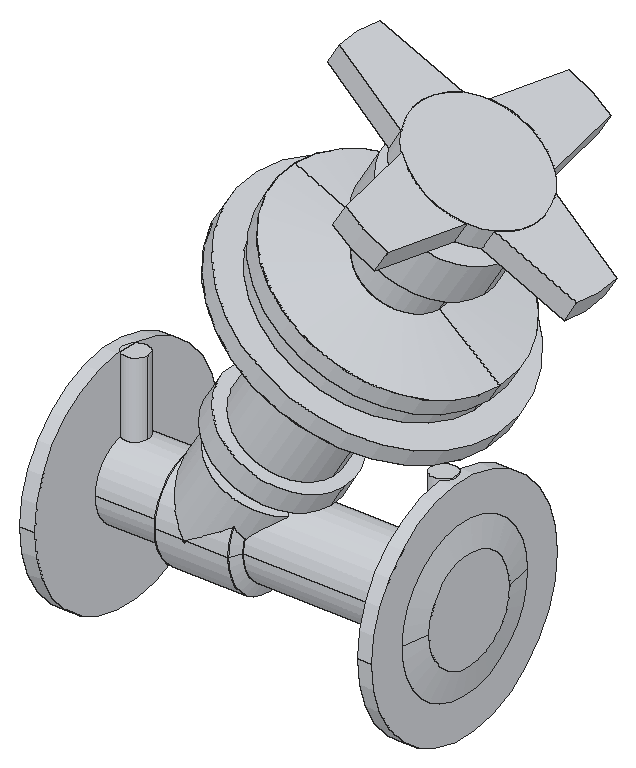
Revit family "224_DN065_40-160_RFA_2018", category Pipe Accessories, Revit 2018
Family settings
  Round Connector Dimension = Use Diameter
  Part Type = Valve - Breaks Into
  Work Plane-Based = No
  Always vertical = Yes
  Cut with Voids When Loaded = No
  Shared = No
Parameters (values of type "224_DN065_(40-160)")
  magiProductId = "7a3227ed888c4b0d8669ae9eb0085d"
  magiProductFamilyId = "cb96b53648234cefb8c956722b95ac"
  magiPartTypeId = 304
  isMeasuringValve [instance] = no
  ang2D [instance] = 0.00°
  Z8 = 22.974 mm
  Z7 = 7.658 mm
  Z6 = 95.726 mm
  Z4 = 38.29 mm
  Z3 = 15.316 mm
  Z2 = 19.145 mm
  Z1 = 57.436 mm
  Y9 = 112.022 mm
  Y8 = 43.927 mm
  X9 = 19.752 mm
  X8 = 30.758 mm
  X5 = 139.89 mm
  X4 = 59.15 mm
  X1 = 11.6 mm
  W2D = 100 mm
  VersionID = "2.0/2018.4.11.4/ZETKAMA_224_001"
  Use Minimum Symbol Size [instance] = yes
  URL = "www.hydronic.cz"
  Type Comments = "přírubový ventil, PN16; -10~+120°C; dpmin=1,5xdpnast;"
  R8 = 53.625 mm
  R7 = 35.75 mm
  R6 = 96.688 mm
  R5 = 92.5 mm
  R4 = 113.75 mm
  R3 = 33.8 mm
  R2 = 63 mm
  R12 = 42.75 mm
  R10 = 40.5 mm
  QmdConnectorList = "301;D;302;D"
  Productdata [instance] = ""
  Manufacturer = "Hydronic Systems Prague s.r.o."
  Maintenance Zone Under Depth [instance] = 385 mm
  Maintenance Zone Right Depth [instance] = 290 mm
  Maintenance Zone Over Depth [instance] = 385 mm
  Maintenance Zone Left Depth [instance] = 290 mm
  Maintenance Zone Front Depth [instance] = 273 mm
  Maintenance Zone Back Depth [instance] = 273 mm
  Maintenance Zone Front Visibility [instance] = no
  MC Product Code = "224 065 7 (DN65; dpnast 40-160kPa; dpmax=300kPa; kvs=48,4kPa)"
  MC Piping Given Pressure Drop [instance] = 0.0 Pa
  LT2 = 145 mm
  L3 = 51.76 mm
  L2D_Min = 3048 mm
  L2D = 350 mm
  H5 = 60 mm
  FDT2 = 92.5 mm
  Description = "Regulátor diferenčního tlaku přírubový"
  DT21 = 32.5 mm
  DT2 = 32.5 mm
  D6 = 52.812 mm
  D5 = 42.25 mm
  D = 65 mm
  Clearance Zone Height Depth [instance] = 385 mm
  Clearance Zone Circular Radius [instance] = 290 mm
  Clearance Zone Visibility [instance] = no
  CAT0 = yes
  ARC2 = 1.728 mm
  ARC1 = 9.698 mm
  ANG = 32.00°
  A2 = 26.893 mm
  A1 = 43.038 mm
Types (10, lengths in mm): name | magiProductId | Z8 | Z7 | Z6 | Z4 | Z3 | Z2 | Z1 | X5 | X4 | X1 | R5 | R3 | R2 | R10 | Maintenance Zone Under Depth | Maintenance Zone Right Depth | Maintenance Zone Over Depth | Maintenance Zone Left Depth | MC Product Code | LT2 | L3 | H5 | FDT2 | DT21 | DT2 | D6 | D5 | D | Clearance Zone Height Depth | Clearance Zone Circular Radius | A2 | A1
  224_DN100_(40-160) | "71f9e553003c40d991c5e352e67284" | 24.389 | 8.13 | 101.622 | 40.649 | 16.26 | 20.324 | 60.973 | 152.2 | 91 | 14 | 110 | 52 | 80.5 | 58 | 405 | 350 | 405 | 350 | "224 100 7 (DN100; dpnast 40-160kPa; dpmax=250kPa; kvs=110,0kPa)" | 175 | 62.8 | 60 | 110 | 50 | 50 | 81.25 | 65 | 100 | 405 | 350 | 32.458 | 51.943
  224_DN100_(20-70) | "5e4de33176c64976a9c157b39996ce" | 24.389 | 8.13 | 101.622 | 40.649 | 16.26 | 20.324 | 60.973 | 152.2 | 91 | 14 | 110 | 52 | 80.5 | 58 | 405 | 350 | 405 | 350 | "224 100 3 (DN100; dpnast 20-70kPa; dpmax=250kPa; kvs=110,0kPa)" | 175 | 62.8 | 60 | 110 | 50 | 50 | 81.25 | 65 | 100 | 405 | 350 | 32.458 | 51.943
  224_DN125_(40-160) | "9beb69b667494b6ab1f54942078ae6" | 25.804 | 8.601 | 107.518 | 43.007 | 17.203 | 21.504 | 64.511 | 166.25 | 113.75 | 16 | 125 | 65 | 95.5 | 71 | 425 | 400 | 425 | 400 | "224 125 7 (DN125; dpnast 40-160kPa; dpmax=250kPa; kvs=169,0kPa)" | 200 | 72 | 62.5 | 125 | 62.5 | 62.5 | 101.562 | 81.25 | 125 | 425 | 400 | 37.094 | 59.363
  224_DN125_(20-70) | "2c85edc695ca465cb63b6911085491" | 25.804 | 8.601 | 107.518 | 43.007 | 17.203 | 21.504 | 64.511 | 166.25 | 113.75 | 16 | 125 | 65 | 95.5 | 71 | 425 | 400 | 425 | 400 | "224 125 3 (DN125; dpnast 20-70kPa; dpmax=250kPa; kvs=169,0kPa)" | 200 | 72 | 62.5 | 125 | 62.5 | 62.5 | 101.562 | 81.25 | 125 | 425 | 400 | 37.094 | 59.363
  224_DN150_(40-160) | "96017eba5eec4de2abe05c4d8dc7d1" | 26.866 | 8.955 | 89.552 | 44.776 | 17.91 | 22.388 | 89.552 | 223.38 | 115.5 | 19.2 | 142.5 | 70.2 | 108.5 | 84 | 440 | 480 | 440 | 480 | "224 150 7 (DN150; dpnast 40-160kPa; dpmax=250kPa; kvs=200,0kPa)" | 240 | 86.72 | 67.5 | 142.5 | 67.5 | 75 | 90.75 | 82.5 | 150 | 440 | 480 | 44.513 | 71.236
  224_DN150_(20-70) | "2dcf3707ec5549d494f72875a03dce" | 26.866 | 8.955 | 89.552 | 44.776 | 17.91 | 22.388 | 89.552 | 223.38 | 115.5 | 19.2 | 142.5 | 70.2 | 108.5 | 84 | 440 | 480 | 440 | 480 | "224 150 3 (DN150; dpnast 20-70kPa; dpmax=250kPa; kvs=200,0kPa)" | 240 | 86.72 | 67.5 | 142.5 | 67.5 | 75 | 90.75 | 82.5 | 150 | 440 | 480 | 44.513 | 71.236
  224_DN065_(40-160) | "7a3227ed888c4b0d8669ae9eb0085d" | 22.974 | 7.658 | 95.726 | 38.29 | 15.316 | 19.145 | 57.436 | 139.89 | 59.15 | 11.6 | 92.5 | 33.8 | 63 | 40.5 | 385 | 290 | 385 | 290 | "224 065 7 (DN65; dpnast 40-160kPa; dpmax=300kPa; kvs=48,4kPa)" | 145 | 51.76 | 60 | 92.5 | 32.5 | 32.5 | 52.812 | 42.25 | 65 | 385 | 290 | 26.893 | 43.038
  224_DN065_(20-70) | "bd269db4002540fe9b2a41f205afd7" | 22.974 | 7.658 | 95.726 | 38.29 | 15.316 | 19.145 | 57.436 | 139.89 | 59.15 | 11.6 | 92.5 | 33.8 | 63 | 40.5 | 385 | 290 | 385 | 290 | "224 065 3 (DN65; dpnast 20-70kPa; dpmax=300kPa; kvs=48,4kPa)" | 145 | 51.76 | 60 | 92.5 | 32.5 | 32.5 | 52.812 | 42.25 | 65 | 385 | 290 | 26.893 | 43.038
  224_DN080_(40-160) | "20b45c03d3cb49e9a44f946d5e2c2d" | 23.328 | 7.776 | 97.2 | 38.88 | 15.552 | 19.44 | 58.32 | 140.96 | 72.8 | 12.4 | 100 | 41.6 | 70.5 | 48 | 390 | 310 | 390 | 310 | "224 080 7 (DN80; dpnast 40-160kPa; dpmax=300kPa; kvs=74,5kPa)" | 155 | 55.44 | 60 | 100 | 40 | 40 | 65 | 52 | 80 | 390 | 310 | 28.748 | 46.007
  224_DN080_(20-70) | "2f63645f7c5342ecbadd0051fa47f2" | 23.328 | 7.776 | 97.2 | 38.88 | 15.552 | 19.44 | 58.32 | 140.96 | 72.8 | 12.4 | 100 | 41.6 | 70.5 | 48 | 390 | 310 | 390 | 310 | "224 080 3 (DN80; dpnast 20-70kPa; dpmax=300kPa; kvs=74,5kPa)" | 155 | 55.44 | 60 | 100 | 40 | 40 | 65 | 52 | 80 | 390 | 310 | 28.748 | 46.007
Reference planes
  plane 1 "Center (Front/Back)": y = 0
  plane 2 "XYPLANE": z = 0
  plane 3 "Center (Left/Right)": x = 0
  plane 4 "274": z = -385
  plane 5 "273": z = 385
  plane 6 "272": x = -290
  plane 7 "271": x = 290
  plane 8 "270": y = 273
  plane 9 "269": y = -273
  plane 10 "202": x = 124.4
  plane 11 "201": z = 32.5
  plane 12 "199": x = -122.4
  plane 13 "196": x = -10.49
  plane 14 "195": x = -14.49
  plane 15 "186": x = -73.64
  plane 16 "185": x = -77.64
  plane 17 "157": through (-528.542, 0, 569.466) normal (0.5299, 0, 0.848)
  plane 18 "123": y = -19.752
  plane 19 "122": y = -30.758
  plane 20 "120": y = 19.752
  plane 21 "119": y = 30.758
  plane 22 "118": through (265.941, 0, 718.206) normal (0.848, 0, -0.5299)
  plane 23 "117": through (398.193, 0, 635.565) normal (0.848, 0, -0.5299)
  plane 24 "116": through (455.941, 0, 599.48) normal (0.848, 0, -0.5299)
  plane 25 "115": through (323.689, 0, 682.121) normal (0.848, 0, -0.5299)
  plane 26 "113": y = -43.927
  plane 27 "112": y = -112.022
  plane 28 "110": through (387.025, 0, 642.544) normal (0.848, 0, -0.5299)
  plane 29 "108": through (344.19, 0, 669.31) normal (0.848, 0, -0.5299)
  plane 30 "107": through (334.856, 0, 675.142) normal (0.848, 0, -0.5299)
  plane 31 "106": through (377.692, 0, 648.376) normal (0.848, 0, -0.5299)
  plane 32 "105": y = 112.022
  plane 33 "104": y = 43.927
  plane 34 "99": through (-457.524, 0, 683.118) normal (0.5299, 0, 0.848)
  plane 35 "96": through (-467.67, 0, 666.882) normal (0.5299, 0, 0.848)
  plane 36 "91": through (-487.961, 0, 634.41) normal (0.5299, 0, 0.848)
  plane 37 "87": through (-508.251, 0, 601.938) normal (0.5299, 0, 0.848)
  plane 38 "84": through (-512.31, 0, 595.443) normal (0.5299, 0, 0.848)
  plane 39 "82": through (-520.426, 0, 582.454) normal (0.5299, 0, 0.848)
  plane 40 "75": through (-536.659, 0, 556.477) normal (0.5299, 0, 0.848)
  plane 41 "74": through (-548.833, 0, 536.993) normal (0.5299, 0, 0.848)
  plane 42 "41": through (-599.56, 0, 455.813) normal (0.5299, 0, 0.848)
  plane 43 "37": through (-609.706, 0, 439.577) normal (0.5299, 0, 0.848)
  plane 44 "34": through (-619.851, 0, 423.341) normal (0.5299, 0, 0.848)
  plane 45 "30": through (-650.287, 0, 374.633) normal (0.5299, 0, 0.848)
  plane 46 "28": y = 0
  plane 47 "27": through (360.941, 0, 658.843) normal (0.848, 0, -0.5299)
  plane 48 "24": x = 141
  plane 49 "23": x = 129.4
  plane 50 "15": x = -129.4
  plane 51 "11": x = -141
  plane 52 "6": x = 145
  plane 53 "5": x = -145
  plane 54 "3": z = 0
  plane 55 "2": y = 0
  plane 56 "1": x = 0
  plane 57 "25XY": through (-636.036, 0, 397.439) normal (0.5299, 0, 0.848)
  plane 58 "25XZ": y = 0
  plane 59 "25YZ": through (397.439, 0, 636.036) normal (0.848, 0, -0.5299)
Forms (mm)
  Blend 1, solid, visible <- "CAT0"
    base sketch origin (-548.833, 0, 536.993) x (0.848048, 0, -0.529919) y (0, 1, 0)
      loop
        circle (706.962, 0) r 42.75
    top sketch origin (-548.833, 0, 536.993) x (0.848048, 0, -0.529919) y (0, 1, 0)
      loop
        circle (706.962, 0) r 113.75
    from 0 to 22.974
  Blend 2, solid, visible <- "Maintenance Zone Front Visibility"
    base sketch origin (-750, 0, 385) x (1, 0, 0) y (0, 1, 0)
      loop
        line (460, 273) -> (460, -273) -> (1040, -273) -> (1040, 273) -> (460, 273)
    top sketch origin (-750, 0, 385) x (1, 0, 0) y (0, 1, 0)
      loop
        line (460, 273) -> (460, -273) -> (1040, -273) -> (1040, 273) -> (460, 273)
    from 0 to -770
  Extrusion 3, solid, visible <- "Clearance Zone Visibility"
    sketch origin (-750, 0, 0) x (1, 0, 0) y (0, 1, 0)
      loop
        circle (750, 0) r 290
    from 0 to 385 <- "Clearance Zone Height Depth"
  Extrusion 4, solid, visible <- "CAT0"
    sketch origin (-599.56, 0, 455.813) x (0.848048, 0, -0.529919) y (0, 1, 0)
      loop
        circle (706.962, 0) r 42.75
    from 0 to 95.726 <- "Z6"
  Extrusion 5, solid
    sketch origin (-750, 0, 32.5) x (1, 0, 0) y (0, 1, 0)
      loop
        circle (874.4, 0) r 10
    from 0 to 60 <- "H5"
  Extrusion 6, solid
    sketch origin (-750, 0, 32.5) x (1, 0, 0) y (0, 1, 0)
      loop
        circle (627.6, 0) r 10
    from 0 to 60 <- "H5"
  Extrusion 7, solid
    sketch origin (-10.49, -750, 0) x (0, 1, 0) y (0, 0, 1)
      loop
        circle (750, 0) r 32.5
    from 0 to 139.89 <- "X5"
  Blend 8, solid
    base sketch origin (-10.49, -750, 0) x (0, 1, 0) y (0, 0, 1)
      loop
        circle (750, 0) r 32.5
    top sketch origin (-10.49, -750, 0) x (0, 1, 0) y (0, 0, 1)
      loop
        circle (750, 0) r 42.25
    from 0 to -4
  Extrusion 9, solid
    sketch origin (-73.64, -750, 0) x (0, 1, 0) y (0, 0, 1)
      loop
        circle (750, 0) r 42.25
    from 0 to 59.15 <- "X4"
  Blend 10, solid
    base sketch origin (-77.64, -750, 0) x (0, 1, 0) y (0, 0, 1)
      loop
        circle (750, 0) r 32.5
    top sketch origin (-77.64, -750, 0) x (0, 1, 0) y (0, 0, 1)
      loop
        circle (750, 0) r 42.25
    from 0 to 4
  Extrusion 11, solid
    sketch origin (-650.287, 0, 374.633) x (0.848048, 0, -0.529919) y (0, 1, 0)
      loop
        circle (706.962, 0) r 42.25
    from 0 to 57.436 <- "Z1"
  Extrusion 12, solid
    sketch origin (-536.659, 0, 556.477) x (0.848048, 0, -0.529919) y (0, 1, 0)
      loop
        circle (706.962, 0) r 113.75
    from 0 to 15.316 <- "Z3"
  Extrusion 13, solid
    sketch origin (-457.524, 0, 683.118) x (0.848048, 0, -0.529919) y (0, 1, 0)
      loop
        line (750.889, -30.758) -> (818.983, -19.752)
        arc (818.983, -19.752) -> (820.712, 0) -> (818.983, 19.752) r 113.75
        line (818.983, 19.752) -> (750.889, 30.758)
        arc (750.889, 30.758) -> (760.587, 0) -> (750.889, -30.758) r 53.625
    from 0 to 19.145 <- "Z2"
  Extrusion 14, solid
    sketch origin (-457.524, 0, 683.118) x (0.848048, 0, -0.529919) y (0, 1, 0)
      loop
        line (663.035, 30.758) -> (594.94, 19.752)
        arc (594.94, 19.752) -> (593.212, 0) -> (594.94, -19.752) r 113.75
        line (594.94, -19.752) -> (663.035, -30.758)
        arc (663.035, -30.758) -> (653.337, 0) -> (663.035, 30.758) r 53.625
    from 0 to 19.145 <- "Z2"
  Extrusion 15, solid
    sketch origin (-457.524, 0, 683.118) x (0.848048, 0, -0.529919) y (0, 1, 0)
      loop
        line (676.204, -43.927) -> (687.209, -112.022)
        arc (687.209, -112.022) -> (706.962, -113.75) -> (726.714, -112.022) r 113.75
        line (726.714, -112.022) -> (737.72, -43.927)
        arc (737.72, -43.927) -> (706.962, -53.625) -> (676.204, -43.927) r 53.625
    from 0 to 19.145 <- "Z2"
  Extrusion 16, solid
    sketch origin (-457.524, 0, 683.118) x (0.848048, 0, -0.529919) y (0, 1, 0)
      loop
        line (737.72, 43.927) -> (726.714, 112.022)
        arc (726.714, 112.022) -> (706.962, 113.75) -> (687.209, 112.022) r 113.75
        line (687.209, 112.022) -> (676.204, 43.927)
        arc (676.204, 43.927) -> (706.962, 53.625) -> (737.72, 43.927) r 53.625
    from 0 to 19.145 <- "Z2"
  Extrusion 17, solid
    sketch origin (-457.524, 0, 683.118) x (0.848048, 0, -0.529919) y (0, 1, 0)
      loop
        circle (706.962, 0) r 53.625
    from 0 to 19.145 <- "Z2"
  Extrusion 18, solid
    sketch origin (-467.67, 0, 666.882) x (0.848048, 0, -0.529919) y (0, 1, 0)
      loop
        circle (706.962, 0) r 35.75
    from 0 to 19.145 <- "Z2"
  Extrusion 19, solid
    sketch origin (-487.961, 0, 634.41) x (0.848048, 0, -0.529919) y (0, 1, 0)
      loop
        circle (706.962, 0) r 53.625
    from 0 to 38.29 <- "Z4"
  Extrusion 20, solid
    sketch origin (-508.251, 0, 601.938) x (0.848048, 0, -0.529919) y (0, 1, 0)
      loop
        circle (706.962, 0) r 35.75
    from 0 to 38.29 <- "Z4"
  Blend 21, solid
    base sketch origin (-512.31, 0, 595.443) x (0.848048, 0, -0.529919) y (0, 1, 0)
      loop
        circle (706.962, 0) r 96.688
    top sketch origin (-512.31, 0, 595.443) x (0.848048, 0, -0.529919) y (0, 1, 0)
      loop
        circle (706.962, 0) r 35.75
    from 0 to 7.658
  Extrusion 22, solid
    sketch origin (-520.426, 0, 582.454) x (0.848048, 0, -0.529919) y (0, 1, 0)
      loop
        circle (706.962, 0) r 96.688
    from 0 to 15.316 <- "Z3"
  Extrusion 23, solid
    sketch origin (-528.542, 0, 569.466) x (0.848048, 0, -0.529919) y (0, 1, 0)
      loop
        circle (706.962, 0) r 92.5
    from 0 to 15.316 <- "Z3"
  Extrusion 24, solid
    sketch origin (-609.706, 0, 439.577) x (0.848048, 0, -0.529919) y (0, 1, 0)
      loop
        circle (706.962, 0) r 52.812
    from 0 to 19.145 <- "Z2"
  Extrusion 25, solid
    sketch origin (-619.851, 0, 423.341) x (0.848048, 0, -0.529919) y (0, 1, 0)
      loop
        circle (706.962, 0) r 33.8
    from 0 to 19.145 <- "Z2"
  Blend 26, solid
    base sketch origin (141, -750, 0) x (0, 1, 0) y (0, 0, 1)
      loop
        circle (750, 0) r 63
    top sketch origin (141, -750, 0) x (0, 1, 0) y (0, 0, 1)
      loop
        circle (750, 0) r 40.5
    from 0 to 4
  Extrusion 27, solid
    sketch origin (129.4, -750, 0) x (0, 1, 0) y (0, 0, 1)
      loop
        circle (750, 0) r 92.5
    from 0 to 11.6 <- "X1"
  Extrusion 28, solid
    sketch origin (-129.4, -750, 0) x (0, 1, 0) y (0, 0, 1)
      loop
        circle (750, 0) r 32.5
    from 0 to 51.76 <- "L3"
  Extrusion 29, solid
    sketch origin (-141, -750, 0) x (0, 1, 0) y (0, 0, 1)
      loop
        circle (750, 0) r 92.5
    from 0 to 11.6 <- "X1"
  Blend 30, solid
    base sketch origin (-145, -750, 0) x (0, 1, 0) y (0, 0, 1)
      loop
        circle (750, 0) r 40.5
    top sketch origin (-145, -750, 0) x (0, 1, 0) y (0, 0, 1)
      loop
        circle (750, 0) r 63
    from 0 to 4
  Extrusion 31, solid, not visible
    sketch origin (145, -750, 0) x (0, 1, 0) y (0, 0, 1)
      loop
        circle (750, 0) r 10
    from 0 to -10
  Extrusion 32, solid, not visible
    sketch origin (-145, -750, 0) x (0, 1, 0) y (0, 0, 1)
      loop
        circle (750, 0) r 10
    from 0 to 10
Lines and regions (mm)
  reference lines, not visible
    curve 1: circle (-13.29, 2, 0) r 1 normal (0, 0, 1)
  reference lines
    curve 2: line (179.265, -30.758, 285.208) -> (179.265, 30.758, 285.208)
    curve 3: line (237.013, 19.752, 249.123) -> (237.013, -19.752, 249.123)
    curve 4: line (104.761, 30.758, 331.763) -> (104.761, -30.758, 331.763)
    curve 5: line (47.013, -19.752, 367.848) -> (47.013, 19.752, 367.848)
    curve 6: line (115.929, -43.927, 324.785) -> (168.097, -43.927, 292.186)
    curve 7: line (158.764, -112.022, 298.018) -> (125.262, -112.022, 318.953)
    curve 8: line (168.097, 43.927, 292.186) -> (115.929, 43.927, 324.785)
    curve 9: line (125.262, 112.022, 318.953) -> (158.764, 112.022, 298.018)
Dimensions and locks
  plane 1 "Center (Front/Back)" to curve 1 = 2 mm
  "Maintenance Zone Under Depth": plane 2 "XYPLANE" to plane 4 "274"
  "Maintenance Zone Over Depth": plane 2 "XYPLANE" to plane 5 "273"
  "Maintenance Zone Left Depth": plane 3 "Center (Left/Right)" to plane 6 "272"
  "Maintenance Zone Right Depth": plane 3 "Center (Left/Right)" to plane 7 "271"
  "Maintenance Zone Back Depth": plane 1 "Center (Front/Back)" to plane 8 "270"
  "Maintenance Zone Front Depth": plane 1 "Center (Front/Back)" to plane 9 "269"
  locked: plane 49 "23" to plane 10 "202" at 5
  "DT2": plane 2 "XYPLANE" to plane 11 "201"
  locked: plane 50 "15" to plane 12 "199" at 7
  locked: plane 14 "195" to plane 13 "196" at 4
  "X4": plane 15 "186" to plane 14 "195"
  locked: plane 16 "185" to plane 15 "186" at 4
  "L3": plane 50 "15" to plane 16 "185"
  "Z3": plane 40 "75" to plane 17 "157"
  "X9": plane 55 "2" to plane 18 "123"
  "X8": plane 55 "2" to plane 19 "122"
  "X9": plane 55 "2" to plane 20 "120"
  "X8": plane 55 "2" to plane 21 "119"
  "Y9": plane 47 "27" to plane 22 "118"
  "Y8": plane 47 "27" to plane 23 "117"
  "Y9": plane 47 "27" to plane 24 "116"
  "Y8": plane 47 "27" to plane 25 "115"
  "Y8": plane 55 "2" to plane 26 "113"
  "Y9": plane 55 "2" to plane 27 "112"
  "X8": plane 47 "27" to plane 28 "110"
  "X9": plane 47 "27" to plane 29 "108"
  "X8": plane 47 "27" to plane 30 "107"
  "X9": plane 47 "27" to plane 31 "106"
  "Y9": plane 55 "2" to plane 32 "105"
  "Y8": plane 55 "2" to plane 33 "104"
  "Z2": plane 35 "96" to plane 34 "99"
  "Z4": plane 36 "91" to plane 35 "96"
  "Z4": plane 37 "87" to plane 36 "91"
  "Z7": plane 38 "84" to plane 37 "87"
  "Z3": plane 39 "82" to plane 38 "84"
  "Z3": plane 17 "157" to plane 39 "82"
  "Z8": plane 41 "74" to plane 40 "75"
  "Z6": plane 42 "41" to plane 41 "74"
  "Z2": plane 43 "37" to plane 42 "41"
  "Z2": plane 44 "34" to plane 43 "37"
  "Z1": plane 45 "30" to plane 44 "34"
  "A2": plane 57 "25XY" to plane 45 "30"
  locked: plane 55 "2" to plane 46 "28"
  "A1": plane 59 "25YZ" to plane 47 "27"
  "X1": plane 49 "23" to plane 48 "24"
  "X5": plane 13 "196" to plane 49 "23"
  "X1": plane 51 "11" to plane 50 "15"
  locked: plane 53 "5" to plane 51 "11" at 4
  "LT2": plane 3 "Center (Left/Right)" to plane 52 "6"
  "LT2": plane 3 "Center (Left/Right)" to plane 53 "5"
  locked: plane 2 "XYPLANE" to plane 54 "3"
  locked: plane 1 "Center (Front/Back)" to plane 55 "2"
  locked: plane 3 "Center (Left/Right)" to plane 56 "1"
  Blend 2 sketch curve to Blend 2 sketch curve = 0 mm  (x16)
  "ARC1": curve 2 to Extrusion 13 sketch curve
  "ARC2": curve 3 to Extrusion 13 sketch curve
  Extrusion 13 sketch curve to Extrusion 13 sketch curve = 0 mm  (x8)
  "ARC1": curve 4 to Extrusion 14 sketch curve
  "ARC2": curve 5 to Extrusion 14 sketch curve
  Extrusion 14 sketch curve to Extrusion 14 sketch curve = 0 mm  (x8)
  "ARC1": curve 6 to Extrusion 15 sketch curve
  "ARC2": curve 7 to Extrusion 15 sketch curve
  Extrusion 15 sketch curve to Extrusion 15 sketch curve = 0 mm  (x8)
  "ARC1": curve 8 to Extrusion 16 sketch curve
  "ARC2": curve 9 to Extrusion 16 sketch curve
  Extrusion 16 sketch curve to Extrusion 16 sketch curve = 0 mm  (x8)
  "R4": radius of Blend 1 sketch curve
  "R12": radius of Blend 1 sketch curve
  "Clearance Zone Circular Radius": radius of Extrusion 3 sketch curve
  "R12": radius of Extrusion 4 sketch curve
  "DT21": radius of Extrusion 7 sketch curve
  "D5": radius of Blend 8 sketch curve
  "DT21": radius of Blend 8 sketch curve
  "D5": radius of Extrusion 9 sketch curve
  "D5": radius of Blend 10 sketch curve
  "DT21": radius of Blend 10 sketch curve
  "D5": radius of Extrusion 11 sketch curve
  "R4": radius of Extrusion 12 sketch curve
  "R8": radius of Extrusion 17 sketch curve
  "R7": radius of Extrusion 18 sketch curve
  "R8": radius of Extrusion 19 sketch curve
  "R7": radius of Extrusion 20 sketch curve
  "R7": radius of Blend 21 sketch curve
  "R6": radius of Blend 21 sketch curve
  "R6": radius of Extrusion 22 sketch curve
  "R5": radius of Extrusion 23 sketch curve
  "D6": radius of Extrusion 24 sketch curve
  "R3": radius of Extrusion 25 sketch curve
  "R10": radius of Blend 26 sketch curve
  "R2": radius of Blend 26 sketch curve
  "FDT2": radius of Extrusion 27 sketch curve
  "DT21": radius of Extrusion 28 sketch curve
  "FDT2": radius of Extrusion 29 sketch curve
  "R2": radius of Blend 30 sketch curve
  "R10": radius of Blend 30 sketch curve
  aligned and locked: level to plane 2 "XYPLANE"
  aligned and locked: plane 46 "28" to Blend 1 sketch curve  (x2)
  aligned and locked: Blend 1 sketch curve to plane 47 "27"  (x2)
  aligned and locked: plane 40 "75" to Blend 1
  aligned and locked: Blend 2 sketch curve to plane 6 "272"  (x2)
  aligned and locked: plane 8 "270" to Blend 2 sketch curve  (x4)
  aligned and locked: plane 9 "269" to Blend 2 sketch curve  (x4)
  aligned and locked: plane 6 "272" to Blend 2 sketch curve  (x2)
  aligned and locked: plane 7 "271" to Blend 2 sketch curve  (x4)
  aligned and locked: Blend 2 to plane 4 "274"
  aligned and locked: plane 55 "2" to Extrusion 3 sketch curve
  aligned and locked: plane 56 "1" to Extrusion 3 sketch curve
  aligned and locked: plane 46 "28" to Extrusion 4 sketch curve
  aligned and locked: Extrusion 4 sketch curve to plane 47 "27"
  aligned and locked: plane 10 "202" to Extrusion 5 sketch curve
  aligned and locked: plane 55 "2" to Extrusion 5 sketch curve
  aligned and locked: plane 12 "199" to Extrusion 6 sketch curve
  aligned and locked: plane 55 "2" to Extrusion 6 sketch curve
  aligned and locked: plane 54 "3" to Extrusion 7 sketch curve
  aligned and locked: Extrusion 7 sketch curve to plane 55 "2"
  aligned and locked: plane 54 "3" to Blend 8 sketch curve  (x2)
  aligned and locked: Blend 8 sketch curve to plane 55 "2"  (x2)
  aligned and locked: Blend 8 to plane 14 "195"
  aligned and locked: plane 54 "3" to Extrusion 9 sketch curve
  aligned and locked: Extrusion 9 sketch curve to plane 55 "2"
  aligned and locked: plane 54 "3" to Blend 10 sketch curve  (x2)
  aligned and locked: Blend 10 sketch curve to plane 55 "2"  (x2)
  aligned and locked: plane 15 "186" to Blend 10
  aligned and locked: plane 46 "28" to Extrusion 11 sketch curve
  aligned and locked: Extrusion 11 sketch curve to plane 47 "27"
  aligned and locked: plane 46 "28" to Extrusion 12 sketch curve
  aligned and locked: Extrusion 12 sketch curve to plane 47 "27"
  aligned and locked: curve 2 to plane 23 "117"
  aligned and locked: plane 19 "122" to curve 2
  aligned and locked: plane 21 "119" to curve 2
  aligned and locked: plane 21 "119" to Extrusion 13 sketch curve
  aligned and locked: plane 23 "117" to Extrusion 13 sketch curve
  aligned and locked: plane 20 "120" to Extrusion 13 sketch curve
  aligned and locked: plane 24 "116" to Extrusion 13 sketch curve
  aligned and locked: curve 3 to plane 24 "116"
  aligned and locked: plane 20 "120" to curve 3
  aligned and locked: plane 18 "123" to curve 3
  aligned and locked: plane 18 "123" to Extrusion 13 sketch curve
  aligned and locked: Extrusion 13 sketch curve to plane 24 "116"
  aligned and locked: plane 19 "122" to Extrusion 13 sketch curve
  aligned and locked: Extrusion 13 sketch curve to plane 23 "117"
  aligned and locked: curve 4 to plane 25 "115"
  aligned and locked: plane 21 "119" to curve 4
  aligned and locked: plane 19 "122" to curve 4
  aligned and locked: plane 19 "122" to Extrusion 14 sketch curve
  aligned and locked: Extrusion 14 sketch curve to plane 25 "115"
  aligned and locked: plane 18 "123" to Extrusion 14 sketch curve
  aligned and locked: Extrusion 14 sketch curve to plane 22 "118"
  aligned and locked: curve 5 to plane 22 "118"
  aligned and locked: plane 18 "123" to curve 5
  aligned and locked: plane 20 "120" to curve 5
  aligned and locked: plane 20 "120" to Extrusion 14 sketch curve
  aligned and locked: plane 22 "118" to Extrusion 14 sketch curve
  aligned and locked: plane 21 "119" to Extrusion 14 sketch curve
  aligned and locked: plane 25 "115" to Extrusion 14 sketch curve
  aligned and locked: curve 6 to plane 26 "113"
  aligned and locked: curve 6 to plane 30 "107"
  aligned and locked: curve 6 to plane 28 "110"
  aligned and locked: plane 26 "113" to Extrusion 15 sketch curve  (x2)
  aligned and locked: Extrusion 15 sketch curve to plane 28 "110"
  aligned and locked: plane 27 "112" to Extrusion 15 sketch curve  (x2)
  aligned and locked: Extrusion 15 sketch curve to plane 31 "106"
  aligned and locked: plane 27 "112" to curve 7
  aligned and locked: curve 7 to plane 31 "106"
  aligned and locked: curve 7 to plane 29 "108"
  aligned and locked: Extrusion 15 sketch curve to plane 29 "108"
  aligned and locked: Extrusion 15 sketch curve to plane 30 "107"
  aligned and locked: plane 33 "104" to curve 8
  aligned and locked: plane 28 "110" to curve 8
  aligned and locked: plane 30 "107" to curve 8
  aligned and locked: plane 30 "107" to Extrusion 16 sketch curve
  aligned and locked: plane 33 "104" to Extrusion 16 sketch curve  (x2)
  aligned and locked: plane 29 "108" to Extrusion 16 sketch curve
  aligned and locked: plane 32 "105" to Extrusion 16 sketch curve  (x2)
  aligned and locked: curve 9 to plane 32 "105"
  aligned and locked: plane 29 "108" to curve 9
  aligned and locked: plane 31 "106" to curve 9
  aligned and locked: plane 31 "106" to Extrusion 16 sketch curve
  aligned and locked: plane 28 "110" to Extrusion 16 sketch curve
  aligned and locked: plane 46 "28" to Extrusion 17 sketch curve
  aligned and locked: Extrusion 17 sketch curve to plane 47 "27"
  aligned and locked: plane 46 "28" to Extrusion 18 sketch curve
  aligned and locked: Extrusion 18 sketch curve to plane 47 "27"
  aligned and locked: plane 46 "28" to Extrusion 19 sketch curve
  aligned and locked: Extrusion 19 sketch curve to plane 47 "27"
  aligned and locked: plane 46 "28" to Extrusion 20 sketch curve
  aligned and locked: Extrusion 20 sketch curve to plane 47 "27"
  aligned and locked: plane 46 "28" to Blend 21 sketch curve  (x2)
  aligned and locked: Blend 21 sketch curve to plane 47 "27"  (x2)
  aligned and locked: plane 37 "87" to Blend 21
  aligned and locked: plane 46 "28" to Extrusion 22 sketch curve
  aligned and locked: Extrusion 22 sketch curve to plane 47 "27"
  aligned and locked: plane 46 "28" to Extrusion 23 sketch curve
  aligned and locked: Extrusion 23 sketch curve to plane 47 "27"
  aligned and locked: plane 46 "28" to Extrusion 24 sketch curve
  aligned and locked: Extrusion 24 sketch curve to plane 47 "27"
  aligned and locked: plane 46 "28" to Extrusion 25 sketch curve
  aligned and locked: Extrusion 25 sketch curve to plane 47 "27"
  aligned and locked: plane 54 "3" to Blend 26 sketch curve  (x2)
  aligned and locked: Blend 26 sketch curve to plane 55 "2"  (x2)
  aligned and locked: plane 52 "6" to Blend 26
  aligned and locked: plane 54 "3" to Extrusion 27 sketch curve
  aligned and locked: Extrusion 27 sketch curve to plane 55 "2"
  aligned and locked: plane 54 "3" to Extrusion 28 sketch curve
  aligned and locked: Extrusion 28 sketch curve to plane 55 "2"
  aligned and locked: plane 54 "3" to Extrusion 29 sketch curve
  aligned and locked: Extrusion 29 sketch curve to plane 55 "2"
  aligned and locked: plane 54 "3" to Blend 30 sketch curve  (x2)
  aligned and locked: Blend 30 sketch curve to plane 55 "2"  (x2)
  aligned and locked: plane 51 "11" to Blend 30
  aligned and locked: plane 54 "3" to Extrusion 31 sketch curve
  aligned and locked: Extrusion 31 sketch curve to plane 55 "2"
  aligned and locked: plane 54 "3" to Extrusion 32 sketch curve
  aligned and locked: Extrusion 32 sketch curve to plane 55 "2"
Automatic sketch dimensions
  Extrusion 5 sketch curve to Extrusion 5 sketch curve = 10 mm
  Extrusion 6 sketch curve to plane 50 "15" = 3 mm
  plane 18 "123" to Extrusion 31 sketch curve = 9.752 mm
  plane 18 "123" to Extrusion 32 sketch curve = 9.752 mm
  plane 14 "195" to curve 1 = 1.2 mm
  radius of curve 1 = 1 mm
Connectors
  piping at (-145, 0, 0), diameter 65, driven by "D"
    settings: on Extrusion 32, index 1, connector inside diameter 609.6 mm, connector length 0 mm, flow factor 0, pipe flow 0.0 L/s, pressure drop 0.0 Pa, fitting loss kfactor 0, connector angle 0.00°, fixture units 0, engagement length 0 mm, angle of deflection 0.00°, flow configuration 0, flow direction 0, fitting loss method 0, system type 29, joint type 0, gender type 0, connector reference index 2, connector utility 0, adjustable connector no, is connector primary yes, connector description ""
  piping at (145, 0, 0), diameter 65, driven by "D"
    settings: on Extrusion 31, index 2, connector inside diameter 609.6 mm, connector length 0 mm, flow factor 0, pipe flow 0.0 L/s, pressure drop 0.0 Pa, fitting loss kfactor 0, connector angle 0.00°, fixture units 0, engagement length 0 mm, angle of deflection 0.00°, flow configuration 0, flow direction 0, fitting loss method 0, system type 29, joint type 0, gender type 0, connector reference index 1, connector utility 0, adjustable connector no, is connector primary no, connector description ""
